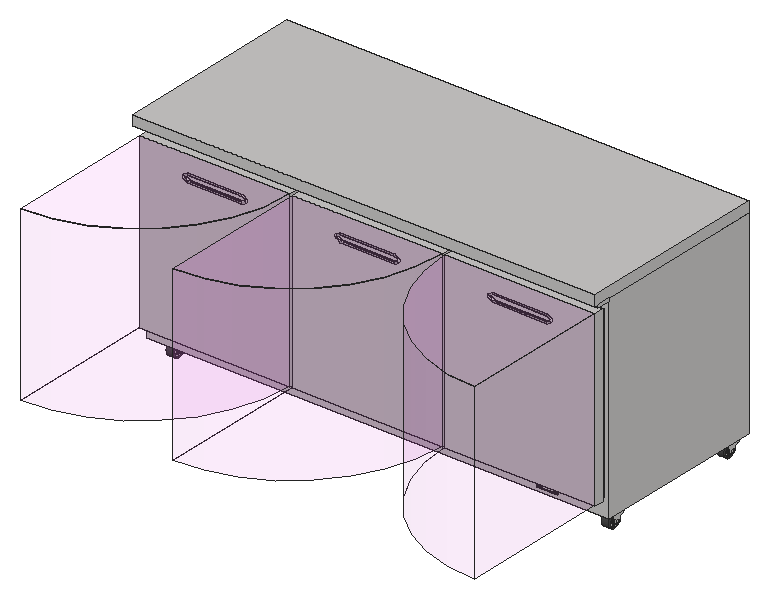
Revit family "QF_Kelvinator_738292_KCHUC72R", category Specialty Equipment, Revit 2021
Family settings
  Round Connector Dimension = Use Diameter
  Part Type = Normal
  Work Plane-Based = No
  Always vertical = Yes
  Cut with Voids When Loaded = No
  Shared = No
  Room Calculation Point = No
Parameters
  Weight in Pounds = 266.759
  Weight = 121.00 lbm
  Watts = 0 W
  Volts = 115 V
  URL Manufacturer = "KELVINATOR"
  URL Cutsheet = ""
  URL = "KELVINATOR"
  Specification by User = ""
  Specification by Manufacturer = ""
  Serial Number = ""
  Seismic Rating = ""
  SMACNA No = ""
  Revision Code = ""
  Refrigerant Type = "R290"
  Phase = 1
  Number of Poles = 1
  NAFEM Spec ID Number = ""
  Model = "KCHUC72R"
  Min Ckt Ampacity = 0 A
  Max Overcurrent Protection = 0 A
  Masterspec = ""
  Manufacturer = "Kelvinator"
  Length Actual = 1822"
  Length = 71 3/4"
  Item Number = "738292"
  Installed By = ""
  Identify Quantity as Lot = yes
  Height Actual = 902"
  Height = 35 1/2"
  HP = "0.5 HP"
  Gas KW = 0
  Furnished By = ""
  Foodservice Equipment Identifier = yes
  FL Amps = 3.5 A
  Electrical Remarks = ""
  Electric Connection Type = ""
  Elec Conn RI Height = 0"
  Elec Conn Connection Height = 0"
  Description = "3-DOOR UNDER COUNTER REFRIGERATOR 72\" LONG"
  Depth Actual = 760"
  Depth = 29 15/16"
  Default Elevation = 0"
  Cycle = 60 Hz
  Conn Plug = "5-15P"
  Conn Conduit = yes
  CSI MasterFormat = ""
  Apparent Power = 0 VA
  Accessory = no
Reference planes (in)
  plane 1 "BACK": y = 0
  plane 2: z = 0
  plane 3 "LEFT": x = 0
  plane 4 "RIGHT": x = 71.75
  plane 5 "FRONT": y = -29.9375
  plane 6 "TOP": z = 35.5
  plane 7 "Center Y": x = 35.875
  plane 8 "Center X": y = -14.96875
Dimensions and locks (in)
  equal spacing: plane 3 "LEFT", plane 7 "Center Y", plane 4 "RIGHT"
  "Length": plane 3 "LEFT" to plane 4 "RIGHT"
  equal spacing: plane 5 "FRONT", plane 8 "Center X", plane 1 "BACK"
  "Depth": plane 5 "FRONT" to plane 1 "BACK"
  "Height": plane 6 "TOP" to level
  aligned and locked: level to plane 2
Nested families (in)
  nested 1: "KCHST.0001" at (0, 0, 0), type "KCHST.0001"
    with Show Clearance yes
Connectors (in)
  electrical at (41.125, -0.87772, 2.31881), driven by "Volts", driven by "Watts"
    settings: on nested 1, index 1, voltage 115 V, apparent load 0 VA, apparent load phase1 0 VA, apparent load phase2 0 VA, apparent load phase3 0 VA, power factor 1, load classification "Other", number of poles 1, system type 30, power factor state 1, is connector primary yes, connector utility no, sub classification motor no, connector description ""
Definition of nested family "KCHST.0001"
  Parameters (values of type "KCHST.0001")
    Weight in Pounds = 0
    URL Cutsheet = ""
    Specification by User = ""
    Specification by Manufacturer = ""
    Show Clearance [instance] = yes
    Serial Number = ""
    Seismic Rating = ""
    SMACNA No = ""
    Revision Code = ""
    NAFEM Spec ID Number = ""
    Masterspec = ""
    Length = 71 3/4"
    Item Number = ""
    Installed By = ""
    Identify Quantity as Lot = yes
    Height = 35 1/2"
    Furnished By = ""
    Foodservice Equipment Identifier = yes
    Depth = 29 15/16"
    Default Elevation = 0"
    CSI MasterFormat = ""
  Reference planes (in)
    plane 1 "BACK": y = 0
    plane 2: z = 0
    plane 3 "LEFT": x = 0
    plane 4 "RIGHT": x = 71.75
    plane 5 "FRONT": y = -29.9375
    plane 6 "TOP": z = 35.5
    plane 7 "Center Y": x = 35.875
    plane 8 "Center X": y = -14.96875
    plane 9: z = 3.1
    plane 10: z = 33.9
    plane 11: y = -56
    plane 12: y = -29.2
    plane 13: z = 32.4
    plane 14: z = 5.6
    plane 15: y = -27.2
    plane 16: x = 69.75
    plane 17: x = 2
    plane 18: x = 23.8
    plane 19: x = 0.5
    plane 20: x = 12.15177
    plane 21: x = 63.84536
    plane 22: x = 71.25
    plane 23: x = 59.59823
    plane 24: x = 35.875
  Forms (in)
    Extrusion 1, solid
      sketch origin (0, 0, 0) x (0, 1, 0) y (0, 0, 1)
        loop
          line (-27.2, 33.9) -> (-27.2, 3.1) -> (0, 3.1) -> (0, 33.9) -> (-27.2, 33.9)
      from 0 to 71.75
    Extrusion 2, solid
      sketch origin (0, 0, 0) x (0, 1, 0) y (0, 0, 1)
        loop
          line (-29.9375, 35.5) -> (-29.9375, 33.9) -> (0, 33.9) -> (0, 35.5) -> (-29.9375, 35.5)
      from 0 to 71.75
    Extrusion 3, solid
      sketch origin (0, 0, 0) x (0, 1, 0) y (0, 0, 1)
        loop
          line (-29.2, 33.9) -> (-29.2, 33.4) -> (-27.2, 33.4) -> (-27.2, 33.9) -> (-29.2, 33.9)
      from 0 to 71.75
    Extrusion 4, solid
      sketch origin (35.875, 6.90541, 48) x (0, 1, 0) y (0, 0, 1)
        loop
          line (-36.10541, -15.6) -> (-36.10541, -42.4) -> (-34.65211, -42.4) -> (-34.65211, -15.6) -> (-36.10541, -15.6)
      from -12.075 to -35.375
    Extrusion 5, solid
      sketch origin (0, 0, 0) x (0, 1, 0) y (0, 0, 1)
        loop
          line (-27.74671, 32.20449) -> (-27.74671, 5.81322) -> (-27.49671, 5.81322) -> (-27.49671, 32.20449) -> (-27.74671, 32.20449)
      from 0.74536 to 23.55817
    Extrusion 6, solid
      sketch origin (0, 0.25, 0) x (0, 1, 0) y (0, 0, 1)
        loop
          line (-27.74671, 32.20449) -> (-27.74671, 5.81322) -> (-27.564, 5.81322) -> (-27.564, 32.20449) -> (-27.74671, 32.20449)
      from 0.74536 to 23.55817
    Extrusion 7, solid
      sketch origin (0, 0.4327, 0) x (0, 1, 0) y (0, 0, 1)
        loop
          line (-27.74671, 32.20449) -> (-27.74671, 5.81322) -> (-27.6327, 5.81322) -> (-27.6327, 32.20449) -> (-27.74671, 32.20449)
      from 0.74536 to 23.55817
    Extrusion 8, solid
      sketch origin (18.02043, -27.2, -4.77927) x (-1, 0, 0) y (0, 0, 1)
        loop
          line (-42.67533, 9.70772) -> (-45.82493, 9.70772) -> (-45.82493, 8.52662) -> (-42.67533, 8.52662) -> (-42.67533, 9.70772)
        loop
          line (-42.75407, 9.63107) -> (-43.14777, 9.63107) -> (-43.14777, 9.31193) -> (-42.75407, 9.31193) -> (-42.75407, 9.63107)
        loop
          line (-42.75407, 9.27674) -> (-43.14777, 9.27674) -> (-43.14777, 8.9576) -> (-42.75407, 8.9576) -> (-42.75407, 9.27674)
        loop
          line (-42.75407, 8.92241) -> (-43.14777, 8.92241) -> (-43.14777, 8.60327) -> (-42.75407, 8.60327) -> (-42.75407, 8.92241)
        loop
          line (-45.74619, 9.63107) -> (-45.74619, 9.31193) -> (-45.35249, 9.31193) -> (-45.35249, 9.63107) -> (-45.74619, 9.63107)
        loop
          line (-45.74619, 9.27674) -> (-45.74619, 8.9576) -> (-45.35249, 8.9576) -> (-45.35249, 9.27674) -> (-45.74619, 9.27674)
        loop
          line (-45.74619, 8.92241) -> (-45.74619, 8.60327) -> (-45.35249, 8.60327) -> (-45.35249, 8.92241) -> (-45.74619, 8.92241)
        loop
          line (-43.22525, 9.63107) -> (-45.27501, 9.63107) -> (-45.27501, 8.60716) -> (-43.22525, 8.60716) -> (-43.22525, 9.63107)
      from 0.07874 to -0.04602
    Extrusion 9, solid
      sketch origin (18.02043, -27.24602, -4.77927) x (1, 0, 0) y (0, 0, 1)
        loop
          line (45.35249, 9.63107) -> (45.35249, 9.31193) -> (45.74619, 9.31193) -> (45.74619, 9.63107) -> (45.35249, 9.63107)
        loop
          line (45.35249, 9.27674) -> (45.35249, 8.9576) -> (45.74619, 8.9576) -> (45.74619, 9.27674) -> (45.35249, 9.27674)
        loop
          line (45.35249, 8.92241) -> (45.35249, 8.60327) -> (45.74619, 8.60327) -> (45.74619, 8.92241) -> (45.35249, 8.92241)
        loop
          line (43.14777, 9.63107) -> (42.75407, 9.63107) -> (42.75407, 9.31193) -> (43.14777, 9.31193) -> (43.14777, 9.63107)
        loop
          line (43.14777, 9.27674) -> (42.75407, 9.27674) -> (42.75407, 8.9576) -> (43.14777, 8.9576) -> (43.14777, 9.27674)
        loop
          line (43.14777, 8.92241) -> (42.75407, 8.92241) -> (42.75407, 8.60327) -> (43.14777, 8.60327) -> (43.14777, 8.92241)
      from 0 to -0.07874
    Extrusion 10, solid
      sketch origin (18.02043, -27.24602, -4.77927) x (1, 0, 0) y (0, 0, 1)
        loop
          line (43.22525, 9.63107) -> (43.22525, 8.60716) -> (45.27501, 8.60716) -> (45.27501, 9.63107) -> (43.22525, 9.63107)
      from 0 to -0.07874
    Extrusion 11, void
      sketch origin (18.02043, -27.2, -4.77927) x (-1, 0, 0) y (0, 0, 1)
        loop
          line (-42.67533, 9.70772) -> (-45.82493, 9.70772) -> (-45.82493, 8.52662) -> (-42.67533, 8.52662) -> (-42.67533, 9.70772)
      from 0 to 0.07874
    Extrusion 12, void
      sketch origin (-37.41705, -29.19996, 31.5181) x (0, 0, 1) y (1, 0, 0)
        loop
          line (-1.94791, 45.39382) -> (-1.94791, 53.74382) -> (-2.28604, 54.28482)
          arc (-2.28604, 54.28482) -> (-2.38541, 54.3399) -> (-2.48479, 54.28482) r 0.11719
          line (-2.48479, 54.28482) -> (-2.82291, 53.74382) -> (-2.82291, 45.39382) -> (-2.48621, 44.8551)
          arc (-2.48621, 44.8551) -> (-2.38541, 44.79923) -> (-2.28462, 44.8551) r 0.11887
          line (-2.28462, 44.8551) -> (-1.94791, 45.39382)
      from 0 to 0.31887
    Sweep 13, solid
      path origin (-37.41705, -26.39996, 31.5181) x (0, 0, -1) y (1, 0, 0)
        loop
          line (2.82291, 53.74382) -> (2.48479, 54.28482)
          arc (2.48479, 54.28482) -> (2.38541, 54.3399) -> (2.28604, 54.28482) r 0.11719
          line (2.28604, 54.28482) -> (1.94791, 53.74382) -> (1.94791, 45.39382) -> (2.28462, 44.8551)
          arc (2.28462, 44.8551) -> (2.38541, 44.79923) -> (2.48621, 44.8551) r 0.11887
          line (2.48621, 44.8551) -> (2.82291, 45.39382) -> (2.82291, 53.74382)
      profile origin (12.15177, -26.39996, 28.69519) x (0, 0, -1) y (0, -1, 0)
        loop
          line (0, 2.8) -> (0.25, 2.8)
          arc (0.25, 2.8) -> (0.125, 2.85269) -> (0, 2.8) r 0.17461
    Extrusion 14, solid
      sketch origin (-16.15625, 0, 3.1) x (-1, 0, 0) y (0, 1, 0)
        loop
          circle (-57.28125, -0.87772) r 0.25
      from 0 to 0.78119
    Extrusion 15, solid
      sketch origin (35.875, 6.90541, 48) x (0, 1, 0) y (0, 0, -1)
        loop
          line (-36.10541, 15.6) -> (-34.65211, 15.6) -> (-34.65211, 42.4) -> (-36.10541, 42.4) -> (-36.10541, 15.6)
      from -12.075 to -35.375
    Extrusion 16, solid
      sketch origin (71.75, 0, 0) x (0, 1, 0) y (0, 0, -1)
        loop
          line (-27.74671, -32.20449) -> (-27.49671, -32.20449) -> (-27.49671, -5.81322) -> (-27.74671, -5.81322) -> (-27.74671, -32.20449)
      from 0.74536 to 23.55817
    Extrusion 17, solid
      sketch origin (71.75, 0.25, 0) x (0, 1, 0) y (0, 0, -1)
        loop
          line (-27.74671, -32.20449) -> (-27.564, -32.20449) -> (-27.564, -5.81322) -> (-27.74671, -5.81322) -> (-27.74671, -32.20449)
      from 0.74536 to 23.55817
    Extrusion 18, solid
      sketch origin (71.75, 0.4327, 0) x (0, 1, 0) y (0, 0, -1)
        loop
          line (-27.74671, -32.20449) -> (-27.6327, -32.20449) -> (-27.6327, -5.81322) -> (-27.74671, -5.81322) -> (-27.74671, -32.20449)
      from 0.74536 to 23.55817
    Extrusion 19, void
      sketch origin (109.16705, -29.19996, 31.5181) x (0, 0, 1) y (1, 0, 0)
        loop
          line (-1.94791, -45.39382) -> (-2.28462, -44.8551)
          arc (-2.28462, -44.8551) -> (-2.38541, -44.79923) -> (-2.48621, -44.8551) r 0.11887
          line (-2.48621, -44.8551) -> (-2.82291, -45.39382) -> (-2.82291, -53.74382) -> (-2.48479, -54.28482)
          arc (-2.48479, -54.28482) -> (-2.38541, -54.3399) -> (-2.28604, -54.28482) r 0.11719
          line (-2.28604, -54.28482) -> (-1.94791, -53.74382) -> (-1.94791, -45.39382)
      from 0 to 0.31887
    Sweep 20, solid
      path origin (109.16705, -26.39996, 31.5181) x (0, 0, -1) y (1, 0, 0)
        loop
          line (2.82291, -53.74382) -> (2.82291, -45.39382) -> (2.48621, -44.8551)
          arc (2.48621, -44.8551) -> (2.38541, -44.79923) -> (2.28462, -44.8551) r 0.11887
          line (2.28462, -44.8551) -> (1.94791, -45.39382) -> (1.94791, -53.74382) -> (2.28604, -54.28482)
          arc (2.28604, -54.28482) -> (2.38541, -54.3399) -> (2.48479, -54.28482) r 0.11719
          line (2.48479, -54.28482) -> (2.82291, -53.74382)
      profile origin (59.59823, -26.39996, 28.69519) x (0, 0, 1) y (0, -1, 0)
        loop
          arc (0, 2.8) -> (-0.125, 2.85269) -> (-0.25, 2.8) r 0.17461
          line (-0.25, 2.8) -> (0, 2.8)
    Extrusion 21, solid
      sketch origin (12.15177, 6.90541, 48) x (0, 1, 0) y (0, 0, -1)
        loop
          line (-36.10541, 15.6) -> (-34.65211, 15.6) -> (-34.65211, 42.4) -> (-36.10541, 42.4) -> (-36.10541, 15.6)
      from -12.075 to -35.375
    Extrusion 22, solid
      sketch origin (48.02677, 0, 0) x (0, 1, 0) y (0, 0, -1)
        loop
          line (-27.74671, -32.20449) -> (-27.49671, -32.20449) -> (-27.49671, -5.81322) -> (-27.74671, -5.81322) -> (-27.74671, -32.20449)
      from 0.74536 to 23.55817
    Extrusion 23, solid
      sketch origin (48.02677, 0.25, 0) x (0, 1, 0) y (0, 0, -1)
        loop
          line (-27.74671, -32.20449) -> (-27.564, -32.20449) -> (-27.564, -5.81322) -> (-27.74671, -5.81322) -> (-27.74671, -32.20449)
      from 0.74536 to 23.55817
    Extrusion 24, solid
      sketch origin (48.02677, 0.4327, 0) x (0, 1, 0) y (0, 0, -1)
        loop
          line (-27.74671, -32.20449) -> (-27.6327, -32.20449) -> (-27.6327, -5.81322) -> (-27.74671, -5.81322) -> (-27.74671, -32.20449)
      from 0.74536 to 23.55817
    Extrusion 25, void
      sketch origin (85.44382, -29.19996, 31.5181) x (0, 0, 1) y (1, 0, 0)
        loop
          line (-1.94791, -45.39382) -> (-2.28462, -44.8551)
          arc (-2.28462, -44.8551) -> (-2.38541, -44.79923) -> (-2.48621, -44.8551) r 0.11887
          line (-2.48621, -44.8551) -> (-2.82291, -45.39382) -> (-2.82291, -53.74382) -> (-2.48479, -54.28482)
          arc (-2.48479, -54.28482) -> (-2.38541, -54.3399) -> (-2.28604, -54.28482) r 0.11719
          line (-2.28604, -54.28482) -> (-1.94791, -53.74382) -> (-1.94791, -45.39382)
      from 0 to 0.31887
    Sweep 26, solid
      path origin (85.44382, -26.39996, 31.5181) x (0, 0, -1) y (1, 0, 0)
        loop
          line (2.82291, -53.74382) -> (2.82291, -45.39382) -> (2.48621, -44.8551)
          arc (2.48621, -44.8551) -> (2.38541, -44.79923) -> (2.28462, -44.8551) r 0.11887
          line (2.28462, -44.8551) -> (1.94791, -45.39382) -> (1.94791, -53.74382) -> (2.28604, -54.28482)
          arc (2.28604, -54.28482) -> (2.38541, -54.3399) -> (2.48479, -54.28482) r 0.11719
          line (2.48479, -54.28482) -> (2.82291, -53.74382)
      profile origin (35.875, -26.39996, 28.69519) x (0, 0, 1) y (0, -1, 0)
        loop
          arc (0, 2.8) -> (-0.125, 2.85269) -> (-0.25, 2.8) r 0.17461
          line (-0.25, 2.8) -> (0, 2.8)
    Extrusion 27, solid, visible <- "Show Clearance"
      sketch origin (0, 9.61225, 5.6) x (1, 0, 0) y (0, -1, 0)
        loop
          arc (23.8, 38.81225) -> (16.97559, 55.28784) -> (0.5, 62.11225) r 23.3
          line (0.5, 62.11225) -> (0.5, 38.81225) -> (23.8, 38.81225)
        loop
          arc (47.52677, 38.81225) -> (40.70236, 55.28784) -> (24.22677, 62.11225) r 23.3
          line (24.22677, 62.11225) -> (24.22677, 38.81225) -> (47.52677, 38.81225)
        loop
          line (47.95, 38.81225) -> (71.25, 38.81225) -> (71.25, 62.11225)
          arc (71.25, 62.11225) -> (54.77441, 55.28784) -> (47.95, 38.81225) r 23.3
      from 0 to -26.8
  Cuts and joins
    Extrusion 11 cuts Extrusion 8
    Extrusion 12, Extrusion 19 cuts Extrusion 4
    Extrusion 19, Extrusion 25 cuts Extrusion 15
    Extrusion 25 cuts Extrusion 21
  Lines and regions (in)
    symbolic lines
      curve 1: line (71.75, -29.9375, 0) -> (71.75, 0, 0)
      curve 2: line (71.75, 0, 0) -> (0, 0, 0)
      curve 3: line (0, 0, 0) -> (0, -29.9375, 0)
      curve 4: line (0, -29.9375, 0) -> (71.75, -29.9375, 0)
    symbolic lines, visible <- "Show Clearance"
      curve 5: arc (23.78833, -29.9375, 0) -> (22.81816, -35.89251, 0) -> (20.35146, -41.39875, 0) r 23.3
      curve 6: arc (47.51509, -29.9375, 0) -> (46.54493, -35.89251, 0) -> (44.07823, -41.39875, 0) r 23.3
      curve 7: arc (51.39854, -41.39875, 0) -> (48.93184, -35.89251, 0) -> (47.96167, -29.9375, 0) r 23.3
      curve 8: line (0.5, -29.9375, 0) -> (20.35146, -41.39875, 0)
      curve 9: line (24.22677, -29.9375, 0) -> (44.07823, -41.39875, 0)
      curve 10: line (71.25, -29.9375, 0) -> (51.39854, -41.39875, 0)
  Dimensions and locks (in)
    equal spacing: plane 3 "LEFT", plane 7 "Center Y", plane 4 "RIGHT"
    "Length": plane 3 "LEFT" to plane 4 "RIGHT"
    equal spacing: plane 5 "FRONT", plane 8 "Center X", plane 1 "BACK"
    "Depth": plane 5 "FRONT" to plane 1 "BACK"
    "Height": plane 6 "TOP" to level
    plane 11 to plane 1 "BACK" = 56"
    plane 14 to plane 13 = 26.8"
    locked: plane 4 "RIGHT" to plane 16 at 2
    locked: plane 3 "LEFT" to plane 17 at 2
    locked: plane 19 to plane 3 "LEFT" at 0.5
    plane 3 "LEFT" to plane 4 "RIGHT" = 71 3/4"
    plane 9 to level = 3.1"
    plane 9 to plane 6 "TOP" = 32.4"
    plane 9 to plane 10 = 30.8"
    plane 5 "FRONT" to plane 1 "BACK" = 29 15/16"
    plane 15 to plane 1 "BACK" = 27.2"
    aligned and locked: level to plane 2
    aligned and locked: plane 16 to nested 1
    aligned and locked: nested 2 to plane 17
    aligned and locked: Extrusion 1 to plane 4 "RIGHT"
    aligned and locked: plane 4 "RIGHT" to Extrusion 1  (x3)
    aligned and locked: Extrusion 3 to plane 4 "RIGHT"
    aligned and locked: Extrusion 2 to plane 4 "RIGHT"
    aligned and locked: plane 18 to cut or joined group of Extrusion 4, Extrusion 12, Extrusion 19
    aligned and locked: cut or joined group of Extrusion 4, Extrusion 12, Extrusion 19 to plane 19
    aligned and locked: plane 16 to nested 3
    aligned and locked: plane 4 "RIGHT" to Extrusion 2  (x2)
    aligned and locked: plane 4 "RIGHT" to Extrusion 3  (x2)
    aligned and locked: Extrusion 7 to Extrusion 5
    aligned and locked: Extrusion 6 to Extrusion 5
    aligned and locked: Extrusion 18 to Extrusion 16
    aligned and locked: Extrusion 17 to Extrusion 16
    aligned and locked: Extrusion 24 to Extrusion 22
    aligned and locked: Extrusion 23 to Extrusion 22
  Automatic sketch dimensions
    plane 9 to Extrusion 1 sketch curve = 0"
    Extrusion 1 sketch curve to plane 15 = 0"
    Extrusion 1 sketch curve to plane 1 "BACK" = 0"
    Extrusion 1 sketch curve to plane 10 = 0"
    Extrusion 2 sketch curve to plane 5 "FRONT" = 0"
    Extrusion 2 sketch curve to plane 1 "BACK" = 0"
    Extrusion 2 sketch curve to plane 10 = 0"
    Extrusion 2 sketch curve to plane 6 "TOP" = 0"
    Extrusion 3 sketch curve to plane 10 = 0"
    Extrusion 3 sketch curve to plane 12 = 0"
    Extrusion 3 sketch curve to plane 15 = 0"
    Extrusion 3 sketch curve to plane 10 = 1/2"
    Extrusion 4 sketch curve to plane 12 = 0"
    plane 14 to Extrusion 4 sketch curve = 0"
    plane 13 to Extrusion 4 sketch curve = 0"
    Extrusion 4 sketch curve to plane 15 = 0.54671"
    Extrusion 5 sketch curve to plane 14 = 0.21322"
    Extrusion 5 sketch curve to plane 15 = 0.54671"
    Extrusion 5 sketch curve to Extrusion 5 sketch curve = 1/4"
    plane 13 to Extrusion 5 sketch curve = 0.19551"
    Extrusion 6 sketch curve to plane 15 = 0.29671"
    Extrusion 6 sketch curve to plane 15 = 0.114"
    Extrusion 6 sketch curve to plane 14 = 0.21322"
    plane 13 to Extrusion 6 sketch curve = 0.19551"
    Extrusion 7 sketch curve to plane 15 = 0"
    Extrusion 7 sketch curve to Extrusion 7 sketch curve = 0.114"
    Extrusion 7 sketch curve to plane 14 = 0.21322"
    plane 13 to Extrusion 7 sketch curve = 0.19551"
    plane 14 to Extrusion 8 sketch curve = 0.67154"
    Extrusion 8 sketch curve to plane 23 = 4.24713"
    Extrusion 8 sketch curve to Extrusion 8 sketch curve = 0.07874"  (x3)
    Extrusion 8 sketch curve to Extrusion 8 sketch curve = 0"  (x7)
    Extrusion 8 sketch curve to Extrusion 8 sketch curve = 0.3937"  (x2)
    Extrusion 8 sketch curve to Extrusion 8 sketch curve = 0.07748"  (x3)
    Extrusion 8 sketch curve to plane 9 = 0.72789"
    Extrusion 8 sketch curve to Extrusion 8 sketch curve = 2.04976"
    Extrusion 8 sketch curve to Extrusion 8 sketch curve = 1/256"  (x2)
    Extrusion 8 sketch curve to Extrusion 8 sketch curve = 0.07665"  (x3)
    Extrusion 8 sketch curve to Extrusion 8 sketch curve = 0.31914"  (x4)
    Extrusion 8 sketch curve to Extrusion 8 sketch curve = 0.03519"  (x4)
    Extrusion 8 to Extrusion 9 sketch curve = 0"  (x10)
    Extrusion 9 sketch curve to Extrusion 8 = 0"  (x14)
    Extrusion 10 sketch curve to Extrusion 8 = 0"  (x3)
    Extrusion 8 to Extrusion 10 sketch curve = 0"
    plane 14 to Extrusion 11 sketch curve = 0.67154"
    Extrusion 11 sketch curve to plane 23 = 4.24713"
    Extrusion 11 sketch curve to plane 9 = 0.64735"
    Extrusion 11 sketch curve to Extrusion 11 sketch curve = 3.14961"
    plane 13 to Extrusion 12 sketch curve = 3.70481"
    Extrusion 12 sketch curve to Extrusion 12 sketch curve = 0.3367"
    Extrusion 12 sketch curve to Extrusion 12 sketch curve = 0.33813"  (x2)
    Extrusion 12 sketch curve to Extrusion 12 sketch curve = 0.09937"  (x2)
    Extrusion 12 sketch curve to Extrusion 12 sketch curve = 0.1008"  (x2)
    Extrusion 12 sketch curve to plane 20 = 4.71372"
    Extrusion 12 sketch curve to Extrusion 12 sketch curve = 0.063"
    Extrusion 12 sketch curve to Extrusion 12 sketch curve = 0.53872"  (x2)
    plane 20 to Extrusion 12 sketch curve = 4.175"
    Extrusion 12 sketch curve to Extrusion 12 sketch curve = 0"
    Extrusion 12 sketch curve to Extrusion 12 sketch curve = 0.47889"
    Extrusion 12 sketch curve to Extrusion 12 sketch curve = 0.06211"
    plane 13 to Sweep 13 sketch curve = 2.82981"
    Sweep 13 sketch curve to Sweep 13 sketch curve = 0.3367"
    Sweep 13 sketch curve to Sweep 13 sketch curve = 0.33813"  (x2)
    Sweep 13 sketch curve to Sweep 13 sketch curve = 0.09937"  (x2)
    Sweep 13 sketch curve to Sweep 13 sketch curve = 0.1008"  (x2)
    Sweep 13 sketch curve to plane 20 = 4.71372"
    Sweep 13 sketch curve to Sweep 13 sketch curve = 0.063"
    Sweep 13 sketch curve to Sweep 13 sketch curve = 0.53872"  (x2)
    plane 20 to Sweep 13 sketch curve = 4.175"
    Sweep 13 sketch curve to Sweep 13 sketch curve = 0"
    Sweep 13 sketch curve to Sweep 13 sketch curve = 0.47889"
    Sweep 13 sketch curve to Sweep 13 sketch curve = 0.06211"
    Sweep 13 sketch curve to profile plane = 0"
    Sweep 13 sketch curve to profile plane = 1/8"
    profile plane to Sweep 13 sketch curve = 2.67809"
    Sweep 13 sketch curve to Sweep 13 sketch curve = 0.12191"
    Extrusion 15 sketch curve to plane 12 = 0"
    plane 14 to Extrusion 15 sketch curve = 0"
    plane 13 to Extrusion 15 sketch curve = 0"
    Extrusion 15 sketch curve to plane 15 = 0.54671"
    Extrusion 16 sketch curve to plane 14 = 0.21322"
    Extrusion 16 sketch curve to plane 15 = 0.54671"
    Extrusion 16 sketch curve to Extrusion 16 sketch curve = 1/4"
    plane 13 to Extrusion 16 sketch curve = 0.19551"
    Extrusion 17 sketch curve to plane 15 = 0.29671"
    Extrusion 17 sketch curve to plane 15 = 0.114"
    plane 13 to Extrusion 17 sketch curve = 0.19551"
    Extrusion 17 sketch curve to plane 14 = 0.21322"
    Extrusion 18 sketch curve to plane 15 = 0"
    Extrusion 18 sketch curve to Extrusion 18 sketch curve = 0.114"
    plane 13 to Extrusion 18 sketch curve = 0.19551"
    Extrusion 18 sketch curve to plane 14 = 0.21322"
    plane 13 to Extrusion 19 sketch curve = 3.70481"
    plane 21 to Extrusion 19 sketch curve = 0.46659"  (x2)
    Extrusion 19 sketch curve to Extrusion 19 sketch curve = 0.3367"
    Extrusion 19 sketch curve to Extrusion 19 sketch curve = 0.33813"  (x2)
    Extrusion 19 sketch curve to Extrusion 19 sketch curve = 0.09937"  (x2)
    Extrusion 19 sketch curve to Extrusion 19 sketch curve = 0.1008"
    Extrusion 19 sketch curve to Extrusion 19 sketch curve = 0.063"
    Extrusion 19 sketch curve to plane 21 = 0.07213"  (x2)
    plane 23 to Extrusion 19 sketch curve = 4.175"
    Extrusion 19 sketch curve to Extrusion 19 sketch curve = 0"
    Extrusion 19 sketch curve to Extrusion 19 sketch curve = 0.47889"
    Extrusion 19 sketch curve to Extrusion 19 sketch curve = 0.06211"
    Sweep 20 sketch curve to plane 21 = 0.07213"  (x2)
    plane 13 to Sweep 20 sketch curve = 2.82981"
    plane 21 to Sweep 20 sketch curve = 0.46659"  (x2)
    Sweep 20 sketch curve to Sweep 20 sketch curve = 0.3367"
    Sweep 20 sketch curve to Sweep 20 sketch curve = 0.33813"  (x2)
    Sweep 20 sketch curve to Sweep 20 sketch curve = 0.09937"  (x2)
    Sweep 20 sketch curve to Sweep 20 sketch curve = 0.1008"
    plane 23 to Sweep 20 sketch curve = 4.175"
    Sweep 20 sketch curve to Sweep 20 sketch curve = 0"
    Sweep 20 sketch curve to Sweep 20 sketch curve = 0.47889"
    Sweep 20 sketch curve to Sweep 20 sketch curve = 0.06211"
    Sweep 20 sketch curve to Sweep 20 sketch curve = 0.063"
    profile plane to Sweep 20 sketch curve = 0"
    profile plane to Sweep 20 sketch curve = 1/8"
    profile plane to Sweep 20 sketch curve = 2.67809"
    Sweep 20 sketch curve to Sweep 20 sketch curve = 0.12191"
    Extrusion 21 sketch curve to plane 12 = 0"
    plane 14 to Extrusion 21 sketch curve = 0"
    plane 13 to Extrusion 21 sketch curve = 0"
    Extrusion 21 sketch curve to plane 15 = 0.54671"
    Extrusion 22 sketch curve to plane 14 = 0.21322"
    Extrusion 22 sketch curve to plane 15 = 0.54671"
    Extrusion 22 sketch curve to Extrusion 22 sketch curve = 1/4"
    plane 13 to Extrusion 22 sketch curve = 0.19551"
    Extrusion 23 sketch curve to plane 15 = 0.29671"
    Extrusion 23 sketch curve to plane 15 = 0.114"
    plane 13 to Extrusion 23 sketch curve = 0.19551"
    Extrusion 23 sketch curve to plane 14 = 0.21322"
    Extrusion 24 sketch curve to plane 15 = 0"
    Extrusion 24 sketch curve to Extrusion 24 sketch curve = 0.114"
    plane 13 to Extrusion 24 sketch curve = 0.19551"
    Extrusion 24 sketch curve to plane 14 = 0.21322"
    Extrusion 1 to Extrusion 14 sketch curve = 0.87772"
    Extrusion 14 sketch curve to Extrusion 1 = 30 5/8"
    plane 13 to Extrusion 25 sketch curve = 3.70481"
    Extrusion 25 sketch curve to Extrusion 25 sketch curve = 0.3367"
    Extrusion 25 sketch curve to Extrusion 25 sketch curve = 0.33813"  (x2)
    Extrusion 25 sketch curve to Extrusion 25 sketch curve = 0.09937"  (x2)
    Extrusion 25 sketch curve to Extrusion 25 sketch curve = 0.1008"  (x2)
    Extrusion 25 sketch curve to plane 7 "Center Y" = 4.716"
    Extrusion 25 sketch curve to Extrusion 25 sketch curve = 0.06211"
    Extrusion 25 sketch curve to Extrusion 25 sketch curve = 0.541"  (x2)
    plane 7 "Center Y" to Extrusion 25 sketch curve = 4.175"
    Extrusion 25 sketch curve to Extrusion 25 sketch curve = 0"
    Extrusion 25 sketch curve to Extrusion 25 sketch curve = 0.47572"
    Extrusion 25 sketch curve to Extrusion 25 sketch curve = 0.063"
    plane 13 to Sweep 26 sketch curve = 2.82981"
    Sweep 26 sketch curve to Sweep 26 sketch curve = 0.3367"
    Sweep 26 sketch curve to Sweep 26 sketch curve = 0.33813"  (x2)
    Sweep 26 sketch curve to Sweep 26 sketch curve = 0.09937"  (x2)
    Sweep 26 sketch curve to Sweep 26 sketch curve = 0.1008"  (x2)
    Sweep 26 sketch curve to plane 7 "Center Y" = 4.716"
    Sweep 26 sketch curve to Sweep 26 sketch curve = 0.06211"
    Sweep 26 sketch curve to Sweep 26 sketch curve = 0.541"  (x2)
    plane 7 "Center Y" to Sweep 26 sketch curve = 4.175"
    Sweep 26 sketch curve to Sweep 26 sketch curve = 0"
    Sweep 26 sketch curve to Sweep 26 sketch curve = 0.47572"
    Sweep 26 sketch curve to Sweep 26 sketch curve = 0.063"
    profile plane to Sweep 26 sketch curve = 0"
    profile plane to Sweep 26 sketch curve = 1/8"
    profile plane to Sweep 26 sketch curve = 2.67809"
    Sweep 26 sketch curve to Sweep 26 sketch curve = 0.12191"
    Extrusion 27 sketch curve to plane 12 = 0"  (x3)
    Extrusion 27 sketch curve to plane 19 = 0"
    Extrusion 27 sketch curve to plane 18 = 0"
    Extrusion 27 sketch curve to plane 22 = 0"
    plane 18 to Extrusion 27 sketch curve = 0.42677"
    plane 7 "Center Y" to Extrusion 27 sketch curve = 11.65177"
    Extrusion 27 sketch curve to Extrusion 27 sketch curve = 0.42323"
    plane 1 "BACK" to curve 3 = 0"
    curve 3 to plane 3 "LEFT" = 0"
    plane 5 "FRONT" to curve 8 = 0"
    curve 8 to plane 19 = 0"
    curve 5 to plane 12 = 0"
    curve 5 to plane 19 = 0"
    curve 6 to plane 12 = 0"
    curve 10 to plane 22 = 0"
    curve 7 to plane 12 = 0"
    curve 7 to plane 22 = 0"
    curve 1 to plane 4 "RIGHT" = 0"
    curve 8 to plane 18 = 3.44854"
    plane 18 to curve 6 = 0.42677"
    plane 7 "Center Y" to curve 9 = 8.20323"
    curve 9 to curve 10 = 7 41/128"
    plane 5 "FRONT" to curve 8 = 11.46125"
    plane 5 "FRONT" to curve 9 = 11.46125"
    curve 9 to curve 10 = 0"
    plane 18 to curve 9 = 0.42677"
    radius of Extrusion 14 sketch curve = 1/4"
  Nested families (in)
    nested 1: "3 INCHES 01_CASTER" at (69.75, -24.75, 0), type "3 INCHES 01_CASTER"
      with Type Mark "", Specification by User "", Revision Code "", Item Number "", Installed By "", Identify Quantity as Lot yes, Furnished By "", Foodservice Equipment Identifier yes, 3 Inches Caster yes
    nested 2: "3 INCHES 01_CASTER" at (2, -24.75, 0), type "3 INCHES 01_CASTER"
      with Type Mark "", Specification by User "", Revision Code "", Item Number "", Installed By "", Identify Quantity as Lot yes, Furnished By "", Foodservice Equipment Identifier yes, 3 Inches Caster yes
    nested 3: "3 INCHES 01_CASTER" at (69.75, -2.375, 0), type "3 INCHES 01_CASTER"
      with Type Mark "", Specification by User "", Revision Code "", Item Number "", Installed By "", Identify Quantity as Lot yes, Furnished By "", Foodservice Equipment Identifier yes, 3 Inches Caster yes
    nested 4: "3 INCHES 01_CASTER" at (2, -2.375, 0), type "3 INCHES 01_CASTER"
      with Type Mark "", Specification by User "", Revision Code "", Item Number "", Installed By "", Identify Quantity as Lot yes, Furnished By "", Foodservice Equipment Identifier yes, 3 Inches Caster yes
  Definition of nested family "3 INCHES 01_CASTER"
    Parameters (values of type "3 INCHES 01_CASTER")
      Weight = ""
      URL Manufacturer = ""
      URL Cutsheet = ""
      URL = ""
      Type Mark [instance] = ""
      Specification by User [instance] = ""
      Specification by Manufacturer = ""
      Serial Number = ""
      Seismic Rating = ""
      SMACNA No = ""
      Revision Code [instance] = ""
      Omniclass Number and Title = ""
      NAFEM Spec ID Number = ""
      Model = ""
      MasterSpec. = ""
      Manufacturer = ""
      Item Number [instance] = ""
      Installed By [instance] = ""
      Identify Quantity as Lot [instance] = yes
      Furnished By [instance] = ""
      Foodservice Equipment Identifier [instance] = yes
      Description = ""
      Default Elevation = 0"
      CSI MasterFormat = ""
      CSI Master Format = ""
      Assembly Code = ""
      3 Inches Caster [instance] = yes
    Reference planes (in)
      plane 1: z = 0
      plane 2 "RIGHT": x = 0
      plane 3 "FRONT": y = 0
      plane 4 "TOP": z = 3.1
    Forms (in)
      Revolve 1, solid, visible <- "3 Inches Caster"
        sketch origin (-1.93794, 0.56004, -1.0041) x (1, 0, 0) y (0, 0, 1)
          loop
            line (0.74055, 2.11347) -> (0.74055, 2.03797) -> (0.79055, 1.98797) -> (0.85055, 1.98797) -> (0.85055, 1.8679) -> (1.235, 1.8679) -> (1.235, 1.7068) -> (1.36441, 1.63209) -> (1.4003, 1.41035) -> (1.34375, 1.41035) -> (1.34375, 1.28535) -> (1.375, 1.28535) -> (1.375, 1.0041) -> (2.48438, 1.0041) -> (2.48438, 1.28535) -> (2.51563, 1.28535) -> (2.51563, 1.41035) -> (2.45908, 1.41035) -> (2.49553, 1.6356) -> (2.62438, 1.70999) -> (2.62438, 1.8679) -> (3.04007, 1.8679) -> (3.04007, 1.98797) -> (3.10007, 1.98797) -> (3.15007, 2.03797) -> (3.15007, 2.11347) -> (0.74055, 2.11347)
          axis (0.74055, 2.11347) -> (3.15007, 2.11347)
        angle from 0 to 360
      Extrusion 2, solid, visible <- "3 Inches Caster"
        sketch origin (-1.93794, 1.35294, -3.2541) x (0, 1, 0) y (0, 0, 1)
          loop
            line (-0.41094, 5.86793) -> (-0.41094, 6.01276) -> (-2.29494, 6.01276) -> (-2.29494, 5.71244) -> (-1.82301, 5.71244)
            arc (-1.82301, 5.71244) -> (-1.00307, 5.59865) -> (-0.19592, 5.41488) r 9.6332
            arc (-0.19592, 5.41488) -> (0.12646, 5.29481) -> (0.42224, 5.11916) r 1.92059
            line (0.42224, 5.11916) -> (0.51314, 5.245)
            arc (0.51314, 5.245) -> (0.27353, 5.42569) -> (0.01201, 5.5729) r 2.25036
            line (0.01201, 5.5729) -> (0.09371, 5.71426)
            arc (0.09371, 5.71426) -> (-0.15272, 5.81043) -> (-0.41094, 5.86793) r 1.73151
        from 1.17357 to 2.70231
      Revolve 3, solid, visible <- "3 Inches Caster"
        sketch origin (0, 1.73858, -3.25) x (0, 1, 0) y (0, 0, 1)
          loop
            line (-1.73858, 6.35) -> (-1.73858, 6.00866) -> (-0.93293, 6.00866) -> (-0.93293, 6.35) -> (-1.73858, 6.35)
          axis (-1.73858, 6.00866) -> (-1.73858, 6.35)
        angle from 0 to 360
      Extrusion 4, solid, visible <- "3 Inches Caster"
        sketch origin (-1.98481, 1.35294, -1.7541) x (0, 1, 0) y (0, 0, 1)
          loop
            line (-2.29494, 4.51276) -> (-2.29494, 4.21244) -> (-2.2074, 4.21244)
            arc (-2.2074, 4.21244) -> (-1.58796, 3.87196) -> (-1.3103, 3.22193) r 1.0835
            arc (-1.3103, 3.22193) -> (-1.27304, 2.98711) -> (-1.19616, 2.76214) r 1.38462
            arc (-1.19616, 2.76214) -> (-0.77704, 2.49744) -> (-0.37393, 2.78593) r 0.44401
            arc (-0.37393, 2.78593) -> (-0.35491, 2.84407) -> (-0.34077, 2.90358) r 0.74034
            arc (-0.34077, 2.90358) -> (-0.07302, 3.38916) -> (0.4279, 3.62699) r 0.90376
            line (0.4279, 3.62699) -> (0.51314, 3.745)
            arc (0.51314, 3.745) -> (0.27353, 3.92569) -> (0.01201, 4.0729) r 2.25036
            line (0.01201, 4.0729) -> (0.09371, 4.21426)
            arc (0.09371, 4.21426) -> (-0.15272, 4.31043) -> (-0.41094, 4.36793) r 1.73151
            line (-0.41094, 4.36793) -> (-0.41094, 4.51276) -> (-2.29494, 4.51276)
        from 2.74918 to 2.90825
      Extrusion 5, solid, visible <- "3 Inches Caster"
        sketch origin (1.98481, 1.35294, -1.7541) x (0, 1, 0) y (0, 0, -1)
          loop
            line (-2.29494, -4.51276) -> (-0.41094, -4.51276) -> (-0.41094, -4.36793)
            arc (-0.41094, -4.36793) -> (-0.15272, -4.31043) -> (0.09371, -4.21426) r 1.73151
            line (0.09371, -4.21426) -> (0.01201, -4.0729)
            arc (0.01201, -4.0729) -> (0.27353, -3.92569) -> (0.51314, -3.745) r 2.25036
            line (0.51314, -3.745) -> (0.4279, -3.62699)
            arc (0.4279, -3.62699) -> (-0.07302, -3.38916) -> (-0.34077, -2.90358) r 0.90376
            arc (-0.34077, -2.90358) -> (-0.35491, -2.84407) -> (-0.37393, -2.78593) r 0.74034
            arc (-0.37393, -2.78593) -> (-0.77704, -2.49744) -> (-1.19616, -2.76214) r 0.44401
            arc (-1.19616, -2.76214) -> (-1.27304, -2.98711) -> (-1.3103, -3.22193) r 1.38462
            arc (-1.3103, -3.22193) -> (-1.58796, -3.87196) -> (-2.2074, -4.21244) r 1.0835
            line (-2.2074, -4.21244) -> (-2.29494, -4.21244) -> (-2.29494, -4.51276)
        from 2.74918 to 2.90825
    Cuts and joins
      joined: Extrusion 2, Extrusion 4, Extrusion 5
    Lines and regions (in)
      symbolic lines, visible <- "3 Inches Caster"
        curve 1: line (0.1877, 1.65194, 0) -> (0.89063, 1.2461, 0)
        curve 2: line (-1.00175, -0.40823, 0) -> (0.1877, 1.65194, 0)
        curve 3: line (-0.29881, -0.81407, 0) -> (-1.00175, -0.40823, 0)
        curve 4: line (0.89063, 1.2461, 0) -> (-0.29881, -0.81407, 0)
    Dimensions and locks (in)
      plane 4 "TOP" to level = 3.1"  (x2)
      aligned and locked: level to plane 1
